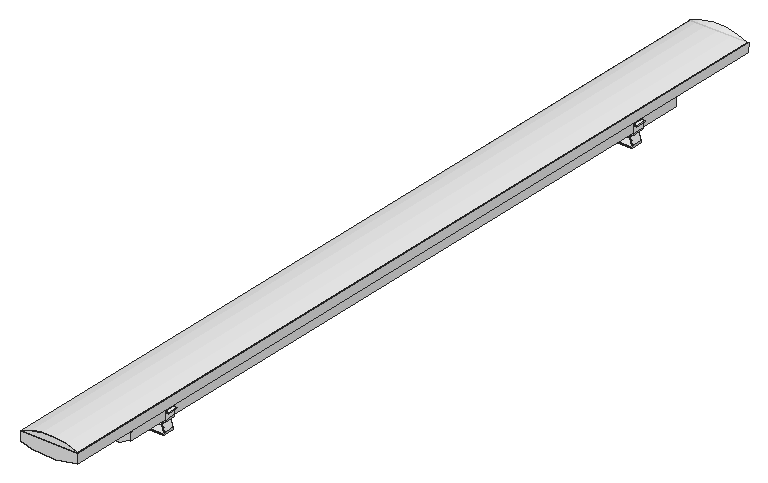
Revit family "Lighting-Industrial-GEWISS-SMART[3]PLUS-HLO-WATERTIGHT-LED_TRANSPARENT_1600mm", category Apparecchi per illuminazione, host Superficie, Revit 2019
Family settings
  Host = Superficie
  Quota connettore circolare = Usa diametro
  Tipo di parte = Normale
  Taglio con vuoti quando caricato = No
  Sorgente d'illuminazione = Sì
  Condiviso = No
  Punto di calcolo locali = No
Parameters (values of type "GWS3323BT957 - SMART3 PLUS 1600 T.W.DALI HO TRASP 9 57")
  Working temperature = "-25 +45 °C"
  Weight (kg): = ""
  Wattage = 27 W
  Warranty = "5 years"
  Voltage = "220-240 V "
  Visibilità simbolo [instance] = yes
  Visibilità pianta [instance] = not(Visibilità simbolo)  # no
  Visibilità etichetta [instance] = yes
  Version file RFA = "20.0"
  Variazione temperatura colore lampada con luminosità attenuata = (empty or 0)
  URL = "https://www.gewiss.com/ww/en"
  Typology = "DALI"
  Type of light source = "LED - Not replaceable"
  Technical sheet = "https://www.gewiss.com/ww/en/search?q=GWS3323BT957"
  System power = "63 W"
  Shock resistance = "IK08"
  Shield type = "Transparent"
  SEO = "Ceiling"
  Realized by GEWISS S.p.A. = ""
  Operating temperature: = "-25 +45 °C"
  Numero poli = 2
  built-in parameter 1150107 = 5700 (stored number, unit not read)
  Struttura = GRIGIO
  Stampa 1_200 = no
  Stampa 1_100 = not(Stampa 1_200)  # yes
  Spostamento_Y_etichetta [instance] = 0 mm
  Spostamento_Y_effettivo_etichetta [instance] = 1500 mm - Spostamento_Y_etichetta  # 1500 mm
  Spostamento_X_etichetta [instance] = 0 mm
  Spostamento_X_effettivo_etichetta [instance] = 1500 mm - Spostamento_X_etichetta  # 1500 mm
  Schermo. = Led Acceso
  Default Elevation = 1219.2 mm
  Produttore = "GEWISS S.p.A."
  built-in parameter 1150110 = 1 (stored number, unit not read)
  built-in parameter 1150109 = 1 (stored number, unit not read)
  built-in parameter 1114218 = 1 (stored number, unit not read)
  built-in parameter 1150112 = 1 (stored number, unit not read)
  Nominal flux (lm) = ""
  No. LED (#) = ""
  Modello = "GWS3323BT957"
  built-in parameter 1150137 = (empty or 0)
  built-in parameter 1150132 = (empty or 0)
  Lunghezza Lampada = 1600 mm  # constant formula
  Lumen output (lm) = "7400"
  Length = "1600 mm"
  Lampada = "LED"
  Lamp = "LED"
  LED LifeTime (L80B20) = ""
  LED Life time (L80B50) = ""
  LED Life time (L70) = ""
  LED Life Time (L90B50) = ""
  built-in parameter 1150105 = 1406.7 (stored number, unit not read)
  built-in parameter 1150102 = (empty or 0)
  Insulation class = "II"
  Immagine tipo = GWS3280TS.jpg
  built-in parameter 1150106 = 14.067 (stored number, unit not read)
  IP degree = "IP66/IP69"
  IFC.TypeObject = ""
  IFC.ExportType = ""
  IFC.ExportAs = ""
  IDT = "a13ebeb2-bfa1-469e-9c7f-0ca841da0dbd"
  IDF = "9980e4de-da63-47da-a8b3-d302d63a2e3d"
  Glow Wire Test = "850°C"
  Ganci = Alluminio
  Lumens = 4010.63 lm
  Color Filter = 16777215
  File diagramma fotometrico = "GWS3323BT957.IES"
  built-in parameter 1114217 = 1 (stored number, unit not read)
  built-in parameter 1150139 = (empty or 0)
  Failure rate apparecchio (50.000h, Tq=25Â° C) = ""
  Failure rate apparecchio (35.000h, Tq=35Â° C) = ""
  Emetti da lunghezza linea = 1200 mm
  Electrocod = "2434"
  Efficiency class of integrated LEDs = "A ÷ A++"
  built-in parameter 1150104 = 13.8 (stored number, unit not read)
  EAN code = ""
  Driver type = ""
  built-in parameter 1150115 = 1 (stored number, unit not read)
  built-in parameter 1150114 = 1 (stored number, unit not read)
  built-in parameter 1150113 = 1 (stored number, unit not read)
  Device with reduced surface temperature = ""
  Descrizione = "SMART3 PLUS 1600 T.W.DALI HO TRASP 9 57"
  Commenti sul wattaggio = "67W"
  Colour temperature: = "5700 K (CRI > 90)"
  Colour temperature = "5700 K (CRI > 90)"
  built-in parameter 1150134 = (empty or 0)
  built-in parameter 1150138 = (empty or 0)
  Catalogue Range = "SMART[3] PLUS HLO"
  Catalogue = "LIGHTING"
  Carico apparente = 67 VA
  COBie.Tagnumber = ""
  COBie.CreatedOn = ""
  COBie.CreatebBy = ""
  COBie.ComponentRegisterItemID = ""
  COBie.Component.TagNumber = ""
  COBie.Component.Space = ""
  COBie.Component.SerialNumber = ""
  COBie.Component.InstallationDate = ""
  COBie.Component.Description = ""
  COBie.Component.BarCode = ""
  Application = "Indoor"
  Tilt Angle = -90.00°
  built-in parameter 1150133 = 10 (stored number, unit not read)
Types (24, lengths in mm): name | Working temperature | Typology | Technical sheet | System power | Operating temperature: | Modello | Lumen output (lm) | Immagine tipo | IDT | File diagramma fotometrico | Descrizione | Commenti sul wattaggio | Colour temperature: | Colour temperature | Carico apparente
  GWS3320BT830 - SMART3 PLUS 1600 ON/OFF HO TRASP 8 30 | "-25 +50 °C" | "" | "https://www.gewiss.com/ww/en/search?q=GWS3320BT830" | "61 W" | "-25 +50 °C" | "GWS3320BT830" | "8900" | GWS3158T.jpg | "b0079b79-8369-4f9f-8fe4-9debebf9660d" | "GWS3320BT830.IES" | "SMART3 PLUS 1600 ON/OFF HO TRASP 8 30" | "26W" | "3000 K (CRI > 80)" | "3000 K (CRI > 80)" | 26 VA
  GWS3320BT840 - SMART3 PLUS 1600 ON/OFF HO TRASP 8 40 | "-25 +50 °C" | "" | "https://www.gewiss.com/ww/en/search?q=GWS3320BT840" | "61 W" | "-25 +50 °C" | "GWS3320BT840" | "9400" | GWS3158T30K.jpg | "9a1851db-f1a1-4438-9c92-f8493db26ec9" | "GWS3320BT840.IES" | "SMART3 PLUS 1600 ON/OFF HO TRASP 8 40" | "26W" | "4000 K (CRI > 80)" | "4000 K (CRI > 80)" | 26 VA
  GWS3320BT857 - SMART3 PLUS 1600 ON/OFF HO TRASP 8 57 | "-25 +50 °C" | "" | "https://www.gewiss.com/ww/en/search?q=GWS3320BT857" | "61 W" | "-25 +50 °C" | "GWS3320BT857" | "9400" | GWS3158T57K.jpg | "eeec67c0-60ce-4958-8122-911c53fbb5b5" | "GWS3320BT857.IES" | "SMART3 PLUS 1600 ON/OFF HO TRASP 8 57" | "26W" | "5700 K (CRI > 80)" | "5700 K (CRI > 80)" | 26 VA
  GWS3321BT940 - SMART3 PLUS 1600 DALI HO TRASP 9 40 | "-25 +45 °C" | "DALI" | "https://www.gewiss.com/ww/en/search?q=GWS3321BT940" | "63 W" | "-25 +45 °C" | "GWS3321BT940" | "7400" | GWS3258T.jpg | "dc402284-1089-4e5e-8c85-030915ce9a18" | "GWS3321BT940.IES" | "SMART3 PLUS 1600 DALI HO TRASP 9 40" | "53W" | "4000 K (CRI > 90)" | "4000 K (CRI > 90)" | 53 VA
  GWS3321BT957 - SMART3 PLUS 1600 DALI HO TRASP 9 57 | "-25 +45 °C" | "DALI" | "https://www.gewiss.com/ww/en/search?q=GWS3321BT957" | "63 W" | "-25 +45 °C" | "GWS3321BT957" | "7400" | GWS3258T30K.jpg | "b2e9265e-dba8-49a6-97f4-35930fb1e4e2" | "GWS3321BT957.IES" | "SMART3 PLUS 1600 DALI HO TRASP 9 57" | "53W" | "5700 K (CRI > 90)" | "5700 K (CRI > 90)" | 53 VA
  GWS3322BT830 - SMART3 PLUS 1600 T.W.ON/OFF HO TRASP 8 30 | "-25 +50 °C" | "" | "https://www.gewiss.com/ww/en/search?q=GWS3322BT830" | "61 W" | "-25 +50 °C" | "GWS3322BT830" | "8900" | GWS3258T57K.jpg | "53b88d0c-b9c7-4cee-9777-43a48b75f0e0" | "GWS3322BT830.IES" | "SMART3 PLUS 1600 T.W.ON/OFF HO TRASP 8 30" | "53W" | "3000 K (CRI > 80)" | "3000 K (CRI > 80)" | 53 VA
  GWS3320BT930 - SMART3 PLUS 1600 ON/OFF HO TRASP 9 30 | "-25 +50 °C" | "" | "https://www.gewiss.com/ww/en/search?q=GWS3320BT930" | "61 W" | "-25 +50 °C" | "GWS3320BT930" | "6900" | GWS3158TD30K.jpg | "ed9650e8-c4f8-43a1-8004-49554582e09b" | "GWS3320BT930.IES" | "SMART3 PLUS 1600 ON/OFF HO TRASP 9 30" | "27W" | "3000 K (CRI > 90)" | "3000 K (CRI > 90)" | 27 VA
  GWS3320BT940 - SMART3 PLUS 1600 ON/OFF HO TRASP 9 40 | "-25 +50 °C" | "" | "https://www.gewiss.com/ww/en/search?q=GWS3320BT940" | "61 W" | "-25 +50 °C" | "GWS3320BT940" | "7400" | GWS3158TD57K.jpg | "bb0d3ce6-48a2-4b6e-8f45-e92641206c3c" | "GWS3320BT940.IES" | "SMART3 PLUS 1600 ON/OFF HO TRASP 9 40" | "27W" | "4000 K (CRI > 90)" | "4000 K (CRI > 90)" | 27 VA
  GWS3320BT957 - SMART3 PLUS 1600 ON/OFF HO TRASP 9 57 | "-25 +50 °C" | "" | "https://www.gewiss.com/ww/en/search?q=GWS3320BT957" | "61 W" | "-25 +50 °C" | "GWS3320BT957" | "7400" | GWS3158TL.jpg | "9f6c2e94-0dd2-4fe7-9189-a0146461a8bf" | "GWS3320BT957.IES" | "SMART3 PLUS 1600 ON/OFF HO TRASP 9 57" | "26W" | "5700 K (CRI > 90)" | "5700 K (CRI > 90)" | 26 VA
  GWS3321BT830 - SMART3 PLUS 1600 DALI HO TRASP 8 30 | "-25 +45 °C" | "DALI" | "https://www.gewiss.com/ww/en/search?q=GWS3321BT830" | "63 W" | "-25 +45 °C" | "GWS3321BT830" | "8900" | GWS3158TL30K.jpg | "11cfab41-be45-4c4c-8f75-fb04ec9b0791" | "GWS3321BT830.IES" | "SMART3 PLUS 1600 DALI HO TRASP 8 30" | "26W" | "3000 K (CRI > 80)" | "3000 K (CRI > 80)" | 26 VA
  GWS3321BT840 - SMART3 PLUS 1600 DALI HO TRASP 8 40 | "-25 +45 °C" | "DALI" | "https://www.gewiss.com/ww/en/search?q=GWS3321BT840" | "63 W" | "-25 +45 °C" | "GWS3321BT840" | "9400" | GWS3158TL57K.jpg | "1a4c49c0-1724-4dfe-be99-e3bbbc972556" | "GWS3321BT840.IES" | "SMART3 PLUS 1600 DALI HO TRASP 8 40" | "26W" | "4000 K (CRI > 80)" | "4000 K (CRI > 80)" | 26 VA
  GWS3321BT857 - SMART3 PLUS 1600 DALI HO TRASP 8 57 | "-25 +45 °C" | "DALI" | "https://www.gewiss.com/ww/en/search?q=GWS3321BT857" | "63 W" | "-25 +45 °C" | "GWS3321BT857" | "9400" | GWS3158TLD30K.jpg | "f268c210-ca57-4ba1-bfb6-efa02569eca4" | "GWS3321BT857.IES" | "SMART3 PLUS 1600 DALI HO TRASP 8 57" | "27W" | "5700 K (CRI > 80)" | "5700 K (CRI > 80)" | 27 VA
  GWS3321BT930 - SMART3 PLUS 1600 DALI HO TRASP 9 30 | "-25 +45 °C" | "DALI" | "https://www.gewiss.com/ww/en/search?q=GWS3321BT930" | "63 W" | "-25 +45 °C" | "GWS3321BT930" | "6900" | GWS3158TLD57K.jpg | "94f77843-f845-4848-bb1d-f4fa44f382e0" | "GWS3321BT930.IES" | "SMART3 PLUS 1600 DALI HO TRASP 9 30" | "27W" | "3000 K (CRI > 90)" | "3000 K (CRI > 90)" | 27 VA
  GWS3322BT840 - SMART3 PLUS 1600 T.W.ON/OFF HO TRASP 8 40 | "-25 +50 °C" | "" | "https://www.gewiss.com/ww/en/search?q=GWS3322BT840" | "61 W" | "-25 +50 °C" | "GWS3322BT840" | "9400" | GWS3258TD.jpg | "c6ab74c4-55ed-4fa7-b23a-1e63dab77edf" | "GWS3322BT840.IES" | "SMART3 PLUS 1600 T.W.ON/OFF HO TRASP 8 40" | "55W" | "4000 K (CRI > 80)" | "4000 K (CRI > 80)" | 55 VA
  GWS3322BT857 - SMART3 PLUS 1600 T.W.ON/OFF HO TRASP 8 57 | "-25 +50 °C" | "" | "https://www.gewiss.com/ww/en/search?q=GWS3322BT857" | "61 W" | "-25 +50 °C" | "GWS3322BT857" | "9400" | GWS3258T30K.jpg | "3fca0ca6-b59a-4e01-bd8a-934825641baa" | "GWS3322BT857.IES" | "SMART3 PLUS 1600 T.W.ON/OFF HO TRASP 8 57" | "55W" | "5700 K (CRI > 80)" | "5700 K (CRI > 80)" | 55 VA
  GWS3322BT930 - SMART3 PLUS 1600 T.W.ON/OFF HO TRASP 9 30 | "-25 +50 °C" | "" | "https://www.gewiss.com/ww/en/search?q=GWS3322BT930" | "61 W" | "-25 +50 °C" | "GWS3322BT930" | "6900" | GWS3258TD57K.jpg | "dd6e494e-26b2-4e72-b5b8-859184e14134" | "GWS3322BT930.IES" | "SMART3 PLUS 1600 T.W.ON/OFF HO TRASP 9 30" | "55W" | "3000 K (CRI > 90)" | "3000 K (CRI > 90)" | 55 VA
  GWS3322BT940 - SMART3 PLUS 1600 T.W.ON/OFF HO TRASP 9 40 | "-25 +50 °C" | "" | "https://www.gewiss.com/ww/en/search?q=GWS3322BT940" | "61 W" | "-25 +50 °C" | "GWS3322BT940" | "7400" | GWS3258TL.jpg | "3254678e-5380-4d1c-930b-c5806fa3b8b9" | "GWS3322BT940.IES" | "SMART3 PLUS 1600 T.W.ON/OFF HO TRASP 9 40" | "53W" | "4000 K (CRI > 90)" | "4000 K (CRI > 90)" | 53 VA
  GWS3322BT957 - SMART3 PLUS 1600 T.W.ON/OFF HO TRASP 9 57 | "-25 +50 °C" | "" | "https://www.gewiss.com/ww/en/search?q=GWS3322BT957" | "61 W" | "-25 +50 °C" | "GWS3322BT957" | "7400" | GWS3258TL30K.jpg | "9f16eb00-b215-4a4f-a3a2-428ba3106904" | "GWS3322BT957.IES" | "SMART3 PLUS 1600 T.W.ON/OFF HO TRASP 9 57" | "53W" | "5700 K (CRI > 90)" | "5700 K (CRI > 90)" | 53 VA
  GWS3323BT840 - SMART3 PLUS 1600 T.W.DALI HO TRASP 8 40 | "-25 +45 °C" | "DALI" | "https://www.gewiss.com/ww/en/search?q=GWS3323BT840" | "63 W" | "-25 +45 °C" | "GWS3323BT840" | "9400" | GWS3258TL57K.jpg | "00ac1099-2d80-43df-8815-37ae56ec2799" | "GWS3323BT840.IES" | "SMART3 PLUS 1600 T.W.DALI HO TRASP 8 40" | "53W" | "4000 K (CRI > 80)" | "4000 K (CRI > 80)" | 53 VA
  GWS3323BT857 - SMART3 PLUS 1600 T.W.DALI HO TRASP 8 57 | "-25 +45 °C" | "DALI" | "https://www.gewiss.com/ww/en/search?q=GWS3323BT857" | "63 W" | "-25 +45 °C" | "GWS3323BT857" | "9400" | GWS3258TLD.jpg | "018840e2-9261-4cc1-b395-03f94b60a42d" | "GWS3323BT857.IES" | "SMART3 PLUS 1600 T.W.DALI HO TRASP 8 57" | "55W" | "5700 K (CRI > 80)" | "5700 K (CRI > 80)" | 55 VA
  GWS3323BT830 - SMART3 PLUS 1600 T.W.DALI HO TRASP 8 30 | "-25 +45 °C" | "DALI" | "https://www.gewiss.com/ww/en/search?q=GWS3323BT830" | "63 W" | "-25 +45 °C" | "GWS3323BT830" | "8900" | GWS3258TLD30K.jpg | "64fdabeb-dcf9-40d4-9ad4-a0ec6bd7085a" | "GWS3323BT830.IES" | "SMART3 PLUS 1600 T.W.DALI HO TRASP 8 30" | "55W" | "3000 K (CRI > 80)" | "3000 K (CRI > 80)" | 55 VA
  GWS3323BT930 - SMART3 PLUS 1600 T.W.DALI HO TRASP 9 30 | "-25 +45 °C" | "DALI" | "https://www.gewiss.com/ww/en/search?q=GWS3323BT930" | "63 W" | "-25 +45 °C" | "GWS3323BT930" | "6900" | GWS3258TLD57K.jpg | "13b61dfd-d401-4fab-93ea-d6665886125d" | "GWS3323BT930.IES" | "SMART3 PLUS 1600 T.W.DALI HO TRASP 9 30" | "55W" | "3000 K (CRI > 90)" | "3000 K (CRI > 90)" | 55 VA
  GWS3323BT957 - SMART3 PLUS 1600 T.W.DALI HO TRASP 9 57 | "-25 +45 °C" | "DALI" | "https://www.gewiss.com/ww/en/search?q=GWS3323BT957" | "63 W" | "-25 +45 °C" | "GWS3323BT957" | "7400" | GWS3280TS.jpg | "a13ebeb2-bfa1-469e-9c7f-0ca841da0dbd" | "GWS3323BT957.IES" | "SMART3 PLUS 1600 T.W.DALI HO TRASP 9 57" | "67W" | "5700 K (CRI > 90)" | "5700 K (CRI > 90)" | 67 VA
  GWS3323BT940 - SMART3 PLUS 1600 T.W.DALI HO TRASP 9 40 | "-25 +45 °C" | "DALI" | "https://www.gewiss.com/ww/en/search?q=GWS3323BT940" | "63 W" | "-25 +45 °C" | "GWS3323BT940" | "7400" | GWS3280TLS.jpg | "8f0fe8ef-681c-4f9c-983c-9044f5079dc8" | "GWS3323BT940.IES" | "SMART3 PLUS 1600 T.W.DALI HO TRASP 9 40" | "67W" | "4000 K (CRI > 90)" | "4000 K (CRI > 90)" | 67 VA
Reference planes
  plane 1 "Centro (Fronte/Retro)": y = 0
  plane 2: z = 0
  plane 3 "Centro (Sinistra/Destra)": x = 0
  plane 4: x = -1500
  plane 5: y = -1500
  plane 6: x = 0
  plane 7: y = 0
Forms (mm)
  Extrusion 1, solid, material "Alluminio" <- "Ganci", detail levels medium+fine
    sketch origin (0, 0, 0) x (1, 0, 0) y (0, 0, 1)
      loop
        arc (31.431, -0.002) -> (34.576, 1.589) -> (35.156, 5.066) r 3.903
        line (35.156, 5.066) -> (29.612, 23.211)
        arc (29.612, 23.211) -> (29.883, 24.381) -> (31.032, 24.73) r 1.2
        line (31.032, 24.73) -> (34.307, 23.974)
        arc (34.307, 23.974) -> (36.765, 24.53) -> (37.859, 26.8) r 2.9
        line (37.859, 26.8) -> (37.859, 38.8)
        arc (37.859, 38.8) -> (37.648, 39.694) -> (37.059, 40.4) r 2
        line (37.059, 40.4) -> (37.059, 42.71) -> (42.861, 40.598) -> (43.203, 41.538) -> (37.53, 43.603)
        arc (37.53, 43.603) -> (37.019, 43.613) -> (36.605, 43.311) r 0.8
        line (36.605, 43.311) -> (36.306, 26.139)
        arc (36.306, 26.139) -> (35.6, 25.444) -> (34.616, 25.34) r 1.5
        line (34.616, 25.34) -> (31.344, 26.095)
        arc (31.344, 26.095) -> (28.858, 25.335) -> (28.273, 22.802) r 2.6
        line (28.273, 22.802) -> (33.827, 4.636)
        arc (33.827, 4.636) -> (33.449, 2.415) -> (31.438, 1.4) r 2.5
        line (31.438, 1.4) -> (-31.437, 1.4)
        arc (-31.437, 1.4) -> (-33.449, 2.415) -> (-33.827, 4.636) r 2.5
        line (-33.827, 4.636) -> (-28.273, 22.802)
        arc (-28.273, 22.802) -> (-28.858, 25.335) -> (-31.344, 26.095) r 2.6
        line (-31.344, 26.095) -> (-34.616, 25.34)
        arc (-34.616, 25.34) -> (-35.6, 25.444) -> (-36.306, 26.139) r 1.5
        line (-36.306, 26.139) -> (-36.605, 43.311)
        arc (-36.605, 43.311) -> (-37.019, 43.613) -> (-37.53, 43.603) r 0.8
        line (-37.53, 43.603) -> (-43.203, 41.538) -> (-42.861, 40.598) -> (-37.059, 42.71) -> (-37.059, 40.4)
        arc (-37.059, 40.4) -> (-37.648, 39.694) -> (-37.859, 38.8) r 2
        line (-37.859, 38.8) -> (-37.859, 26.8)
        arc (-37.859, 26.8) -> (-36.765, 24.53) -> (-34.307, 23.974) r 2.9
        line (-34.307, 23.974) -> (-31.032, 24.73)
        arc (-31.032, 24.73) -> (-29.883, 24.381) -> (-29.612, 23.211) r 1.2
        line (-29.612, 23.211) -> (-35.156, 5.066)
        arc (-35.156, 5.066) -> (-34.576, 1.589) -> (-31.431, -0.002) r 3.903
        line (-31.431, -0.002) -> (31.431, -0.002)
    from 548.766 to 568.766
  Extrusion 2, solid, material "Alluminio" <- "Ganci", detail levels medium+fine
    sketch origin (0, 0, 0) x (1, 0, 0) y (0, 0, -1)
      loop
        line (31.431, 0.002) -> (-31.431, 0.002)
        arc (-31.431, 0.002) -> (-34.576, -1.589) -> (-35.156, -5.066) r 3.903
        line (-35.156, -5.066) -> (-29.612, -23.211)
        arc (-29.612, -23.211) -> (-29.883, -24.381) -> (-31.032, -24.73) r 1.2
        line (-31.032, -24.73) -> (-34.307, -23.974)
        arc (-34.307, -23.974) -> (-36.765, -24.53) -> (-37.859, -26.8) r 2.9
        line (-37.859, -26.8) -> (-37.859, -38.8)
        arc (-37.859, -38.8) -> (-37.648, -39.694) -> (-37.059, -40.4) r 2
        line (-37.059, -40.4) -> (-37.059, -42.71) -> (-42.861, -40.598) -> (-43.203, -41.538) -> (-37.53, -43.603)
        arc (-37.53, -43.603) -> (-37.019, -43.613) -> (-36.605, -43.311) r 0.8
        line (-36.605, -43.311) -> (-36.306, -26.139)
        arc (-36.306, -26.139) -> (-35.6, -25.444) -> (-34.616, -25.34) r 1.5
        line (-34.616, -25.34) -> (-31.344, -26.095)
        arc (-31.344, -26.095) -> (-28.858, -25.335) -> (-28.273, -22.802) r 2.6
        line (-28.273, -22.802) -> (-33.827, -4.636)
        arc (-33.827, -4.636) -> (-33.449, -2.415) -> (-31.437, -1.4) r 2.5
        line (-31.437, -1.4) -> (31.438, -1.4)
        arc (31.438, -1.4) -> (33.449, -2.415) -> (33.827, -4.636) r 2.5
        line (33.827, -4.636) -> (28.273, -22.802)
        arc (28.273, -22.802) -> (28.858, -25.335) -> (31.344, -26.095) r 2.6
        line (31.344, -26.095) -> (34.616, -25.34)
        arc (34.616, -25.34) -> (35.6, -25.444) -> (36.306, -26.139) r 1.5
        line (36.306, -26.139) -> (36.605, -43.311)
        arc (36.605, -43.311) -> (37.019, -43.613) -> (37.53, -43.603) r 0.8
        line (37.53, -43.603) -> (43.203, -41.538) -> (42.861, -40.598) -> (37.059, -42.71) -> (37.059, -40.4)
        arc (37.059, -40.4) -> (37.648, -39.694) -> (37.859, -38.8) r 2
        line (37.859, -38.8) -> (37.859, -26.8)
        arc (37.859, -26.8) -> (36.765, -24.53) -> (34.307, -23.974) r 2.9
        line (34.307, -23.974) -> (31.032, -24.73)
        arc (31.032, -24.73) -> (29.883, -24.381) -> (29.612, -23.211) r 1.2
        line (29.612, -23.211) -> (35.156, -5.066)
        arc (35.156, -5.066) -> (34.576, -1.589) -> (31.431, 0.002) r 3.903
    from 548.766 to 568.766
  Extrusion 3, solid, material "GRIGIO" <- "Struttura", detail levels medium+fine
    sketch origin (0, 0, 0) x (1, 0, 0) y (0, 0, 1)
      loop
        line (-36.331, 55.757) -> (-35.847, 28.018)
        arc (-35.847, 28.018) -> (-33.139, 27.27) -> (-30.416, 26.58) r 129.5
        arc (-30.416, 26.58) -> (-28.066, 25.76) -> (-25.915, 24.506) r 13
        arc (-25.915, 24.506) -> (-24.23, 23.324) -> (-22.521, 22.178) r 99.5
        arc (-22.521, 22.178) -> (-16.401, 19.063) -> (-9.748, 17.365) r 31.146
        line (-9.748, 17.365) -> (12.491, 17.365)
        arc (12.491, 17.365) -> (17.822, 19.098) -> (22.764, 21.745) r 31.646
        arc (22.764, 21.745) -> (24.509, 22.915) -> (26.228, 24.122) r 100
        arc (26.228, 24.122) -> (28.283, 25.313) -> (30.525, 26.095) r 12.5
        arc (30.525, 26.095) -> (33.437, 26.834) -> (36.332, 27.64) r 130
        line (36.332, 27.64) -> (36.824, 55.851)
        arc (36.824, 55.851) -> (24.914, 53.937) -> (12.909, 52.764) r 195.047
        line (12.909, 52.764) -> (-12.909, 52.764)
        arc (-12.909, 52.764) -> (-24.665, 53.905) -> (-36.331, 55.757) r 195.047
    from -650 to 650
  Extrusion 4, solid, material "GRIGIO" <- "Struttura", detail levels medium+fine
    sketch origin (0, 0, 0) x (1, 0, 0) y (0, 0, 1)
      loop
        line (54.725, 60.184) -> (55.177, 77.445) -> (-55.177, 77.445) -> (-54.725, 60.184)
        arc (-54.725, 60.184) -> (-34.019, 55.332) -> (-12.909, 52.764) r 195.047
        line (-12.909, 52.764) -> (12.909, 52.764)
        arc (12.909, 52.764) -> (34.019, 55.332) -> (54.725, 60.184) r 195.047
    from -800 to 800
  Extrusion 5, solid, material "Led Acceso" <- "Schermo.", detail levels medium+fine
    sketch origin (0, 0, 0) x (1, 0, 0) y (0, 0, 1)
      loop
        arc (54.697, 78.441) -> (-0.014, 90.457) -> (-54.723, 78.429) r 130.5
        arc (-54.723, 78.429) -> (-54.988, 77.838) -> (-54.5, 77.445) r 0.5
        line (-54.5, 77.445) -> (54.479, 77.445)
        arc (54.479, 77.445) -> (54.988, 77.855) -> (54.697, 78.441) r 0.522
    from -800 to 800
  Extrusion 6, solid, material "GRIGIO" <- "Struttura", detail levels coarse
    sketch origin (0, 0, 0) x (1, 0, 0) y (0, 0, 1)
      loop
        line (-54.5, 90.439) -> (-54.5, 0) -> (54.5, 0) -> (54.5, 90.439) -> (-54.5, 90.439)
    from -800 to 800
Lines and regions (mm)
  Masking region 1, visible <- "Visibilità pianta"
    outline origin (0, 0, 0) x (1, 0, 0) y (0, 1, 0)
      loop
        line (-55.177, 800) -> (-55.177, -800) -> (55.177, -800) -> (55.177, 800) -> (-55.177, 800)
  model lines, style "GEWISS - LIGHT 2D", not visible, detail levels medium+fine
    curve 1: arc (599.156, 237.359, 0) -> (604.568, 231.947, 0) -> (609.98, 237.359, 0) r 5.412
    curve 6: arc (581.804, 237.359, 0) -> (582.83, 230.601, 0) -> (585.816, 224.453, 0) r 22.764
    curve 7: arc (623.32, 224.453, 0) -> (626.306, 230.601, 0) -> (627.332, 237.359, 0) r 22.764
    curve 8: arc (609.98, -154.35, 0) -> (604.568, -148.937, 0) -> (599.156, -154.35, 0) r 5.412
    curve 14: arc (585.816, -141.444, 0) -> (582.83, -147.592, 0) -> (581.804, -154.35, 0) r 22.764
    curve 15: arc (627.332, -154.35, 0) -> (626.306, -147.592, 0) -> (623.32, -141.444, 0) r 22.764
    curve 22: line (581.804, 248.502, 0) -> (581.804, 237.359, 0)
    curve 23: line (581.804, 237.359, 0) -> (599.156, 237.359, 0)
    curve 24: line (599.156, 237.359, 0) -> (599.156, 248.502, 0)
    curve 25: line (599.156, 256.809, 0) -> (599.156, 262.193, 0)
    curve 26: line (609.98, 248.502, 0) -> (609.98, 237.359, 0)
    curve 27: line (609.98, 237.359, 0) -> (627.332, 237.359, 0)
    curve 28: line (627.332, 237.359, 0) -> (627.332, 248.502, 0)
    curve 39: line (581.804, -154.35, 0) -> (581.804, -165.498, 0)
    curve 40: line (581.804, -165.498, 0) -> (581.804, -154.35, 0)
    curve 41: line (581.804, -154.35, 0) -> (599.156, -154.35, 0)
    curve 42: line (599.156, -154.35, 0) -> (599.156, -165.498, 0)
    curve 43: line (609.98, -165.498, 0) -> (609.98, -154.35, 0)
    curve 44: line (609.98, -154.35, 0) -> (627.332, -154.35, 0)
    curve 45: line (627.332, -154.35, 0) -> (627.332, -165.498, 0)
    curve 46: line (627.332, -165.498, 0) -> (627.332, -154.35, 0)
    curve 47: line (609.98, -179.249, 0) -> (609.98, -173.749, 0)
    curve 50: line (599.156, -179.191, 0) -> (599.156, -173.807, 0)
    curve 94: circle (617.836, 259.501, 0) r 1.5 normal (0, 0, 1)
    curve 95: circle (591.836, 259.501, 0) r 1.5 normal (0, 0, 1)
    curve 96: arc (610.218, 256.751, 0) -> (612.968, 259.501, 0) -> (610.218, 262.251, 0) r 2.75
    curve 97: arc (599.718, 262.251, 0) -> (596.968, 259.501, 0) -> (599.718, 256.751, 0) r 2.75
    curve 102: circle (617.836, -176.499, 0) r 1.5 normal (0, 0, 1)
    curve 103: circle (591.836, -176.499, 0) r 1.5 normal (0, 0, 1)
    curve 104: arc (610.218, -179.249, 0) -> (612.968, -176.499, 0) -> (610.218, -173.749, 0) r 2.75
    curve 105: arc (599.718, -173.749, 0) -> (596.968, -176.499, 0) -> (599.718, -179.249, 0) r 2.75
    curve 184: line (599.718, 262.251, 0) -> (610.218, 262.251, 0)
    curve 185: line (599.718, 256.751, 0) -> (610.218, 256.751, 0)
    curve 194: line (599.718, -173.749, 0) -> (610.218, -173.749, 0)
    curve 195: line (599.718, -179.249, 0) -> (610.218, -179.249, 0)
    curve 214: line (604.568, 230.323, 0) -> (604.568, 244.394, 0)
    curve 215: line (611.603, 237.359, 0) -> (597.532, 237.359, 0)
    curve 216: line (604.568, -161.385, 0) -> (604.568, -147.314, 0)
    curve 217: line (611.603, -154.35, 0) -> (597.532, -154.35, 0)
    curve 223: line (617.836, 257.551, 0) -> (617.836, 261.451, 0)
    curve 224: line (619.786, 259.501, 0) -> (615.886, 259.501, 0)
    curve 225: line (591.836, 257.551, 0) -> (591.836, 261.451, 0)
    curve 226: line (593.786, 259.501, 0) -> (589.886, 259.501, 0)
    curve 227: line (603.293, 259.501, 0) -> (596.143, 259.501, 0)
    curve 228: line (610.218, 255.926, 0) -> (610.218, 263.076, 0)
    curve 229: line (613.793, 259.501, 0) -> (606.643, 259.501, 0)
    curve 230: line (617.836, -178.449, 0) -> (617.836, -174.549, 0)
    curve 231: line (619.786, -176.499, 0) -> (615.886, -176.499, 0)
    curve 232: line (591.836, -178.449, 0) -> (591.836, -174.549, 0)
    curve 233: line (593.786, -176.499, 0) -> (589.886, -176.499, 0)
    curve 234: line (599.718, -180.074, 0) -> (599.718, -172.924, 0)
    curve 235: line (603.293, -176.499, 0) -> (596.143, -176.499, 0)
    curve 236: line (610.218, -180.074, 0) -> (610.218, -172.924, 0)
    curve 237: line (613.793, -176.499, 0) -> (606.643, -176.499, 0)
    curve 238: arc (585.816, 224.453, 0) -> (604.568, 218.168, 0) -> (623.32, 224.453, 0) r 31.118
    curve 239: arc (623.32, -141.444, 0) -> (604.568, -135.159, 0) -> (585.816, -141.444, 0) r 31.118
  model lines, style "GEWISS - LIGHT 2D", not visible
    curve 2: arc (642.177, 315.223, 0) -> (641.755, 316.267, 0) -> (640.725, 316.723, 0) r 1.499
    curve 3: arc (640.726, -233.714, 0) -> (641.755, -233.258, 0) -> (642.177, -232.214, 0) r 1.499
    curve 4: arc (568.41, 316.723, 0) -> (567.381, 316.267, 0) -> (566.959, 315.223, 0) r 1.499
    curve 5: arc (566.959, -232.214, 0) -> (567.38, -233.258, 0) -> (568.409, -233.714, 0) r 1.499
    curve 16: line (568.41, 316.723, 0) -> (592.409, 317.119, 0)
    curve 17: line (592.409, 317.119, 0) -> (595.819, 317.196, 0)
    curve 18: line (595.819, 317.196, 0) -> (604.587, 317.348, 0)
    curve 19: line (604.587, 317.348, 0) -> (613.319, 317.196, 0)
    curve 20: line (613.319, 317.196, 0) -> (616.729, 317.119, 0)
    curve 21: line (616.729, 317.119, 0) -> (640.725, 316.723, 0)
    curve 29: line (568.409, -233.714, 0) -> (604.582, -234.348, 0)
    curve 30: line (604.582, -234.348, 0) -> (640.726, -233.714, 0)
    curve 31: line (642.177, -187.498, 0) -> (642.177, -232.214, 0)
    curve 32: line (642.177, 248.502, 0) -> (642.177, -165.498, 0)
    curve 33: line (642.177, 315.223, 0) -> (642.177, 270.502, 0)
    curve 34: line (566.959, 315.223, 0) -> (566.959, 270.502, 0)
    curve 35: line (566.959, 248.502, 0) -> (566.959, -165.498, 0)
    curve 36: line (566.959, -187.498, 0) -> (566.959, -232.214, 0)
    curve 37: line (604.549, -234.347, 0) -> (604.569, -233.348, 0)
    curve 38: line (604.569, -233.348, 0) -> (604.549, -234.347, 0)
    curve 48: line (609.989, -233.253, 0) -> (609.98, -232.753, 0)
    curve 49: line (609.98, -232.753, 0) -> (609.98, -187.498, 0)
    curve 51: line (599.147, -233.253, 0) -> (599.156, -232.753, 0)
    curve 52: line (599.156, -232.753, 0) -> (599.156, -187.498, 0)
    curve 53: line (604.568, -232.848, 0) -> (604.569, -233.348, 0)
    curve 54: line (604.569, -233.348, 0) -> (604.568, -232.848, 0)
    curve 69: arc (658.224, 441.447, 0) -> (657.902, 441.529, 0) -> (657.571, 441.558, 0) r 1.999
    curve 71: arc (659.744, 439.503, 0) -> (659.172, 440.906, 0) -> (657.781, 441.505, 0) r 1.998
    curve 72: arc (549.391, -356.494, 0) -> (549.963, -357.897, 0) -> (551.356, -358.495, 0) r 1.998
    curve 98: spline (648.539, 268.506, 0) -> (648.523, 268.767, 0) -> (648.475, 269.023, 0) -> (648.396, 269.27, 0) -> (648.287, 269.504, 0) -> (648.151, 269.721, 0) -> (647.989, 269.918, 0) -> (647.804, 270.09, 0) -> (647.599, 270.235, 0) -> (647.379, 270.35, 0) -> (647.146, 270.434, 0) -> (646.905, 270.485, 0) -> (646.66, 270.502, 0)
    curve 99: spline (646.66, 248.502, 0) -> (646.905, 248.519, 0) -> (647.146, 248.57, 0) -> (647.379, 248.654, 0) -> (647.599, 248.77, 0) -> (647.804, 248.916, 0) -> (647.989, 249.089, 0) -> (648.151, 249.286, 0) -> (648.287, 249.504, 0) -> (648.396, 249.739, 0) -> (648.475, 249.987, 0) -> (648.523, 250.245, 0) -> (648.539, 250.506, 0)
    curve 100: spline (561.397, 250.501, 0) -> (561.413, 250.24, 0) -> (561.461, 249.984, 0) -> (561.54, 249.736, 0) -> (561.648, 249.502, 0) -> (561.785, 249.284, 0) -> (561.947, 249.087, 0) -> (562.132, 248.915, 0) -> (562.336, 248.77, 0) -> (562.557, 248.654, 0) -> (562.79, 248.57, 0) -> (563.031, 248.519, 0) -> (563.276, 248.502, 0)
    curve 101: spline (563.276, 270.502, 0) -> (563.031, 270.485, 0) -> (562.79, 270.434, 0) -> (562.557, 270.35, 0) -> (562.336, 270.234, 0) -> (562.132, 270.089, 0) -> (561.947, 269.916, 0) -> (561.785, 269.72, 0) -> (561.648, 269.502, 0) -> (561.54, 269.267, 0) -> (561.461, 269.019, 0) -> (561.413, 268.763, 0) -> (561.397, 268.502, 0)
    curve 106: spline (648.539, -167.494, 0) -> (648.523, -167.233, 0) -> (648.475, -166.977, 0) -> (648.396, -166.73, 0) -> (648.287, -166.496, 0) -> (648.151, -166.279, 0) -> (647.989, -166.083, 0) -> (647.804, -165.911, 0) -> (647.599, -165.766, 0) -> (647.379, -165.65, 0) -> (647.146, -165.566, 0) -> (646.905, -165.515, 0) -> (646.66, -165.498, 0)
    curve 107: spline (646.66, -187.498, 0) -> (646.905, -187.481, 0) -> (647.146, -187.43, 0) -> (647.379, -187.346, 0) -> (647.599, -187.23, 0) -> (647.804, -187.084, 0) -> (647.989, -186.911, 0) -> (648.151, -186.714, 0) -> (648.287, -186.496, 0) -> (648.396, -186.261, 0) -> (648.475, -186.012, 0) -> (648.523, -185.755, 0) -> (648.539, -185.494, 0)
    curve 108: spline (561.397, -185.499, 0) -> (561.413, -185.76, 0) -> (561.461, -186.016, 0) -> (561.54, -186.264, 0) -> (561.648, -186.498, 0) -> (561.785, -186.716, 0) -> (561.947, -186.912, 0) -> (562.132, -187.085, 0) -> (562.336, -187.23, 0) -> (562.557, -187.346, 0) -> (562.79, -187.43, 0) -> (563.031, -187.481, 0) -> (563.276, -187.498, 0)
    curve 109: spline (563.276, -165.498, 0) -> (563.031, -165.516, 0) -> (562.79, -165.567, 0) -> (562.557, -165.651, 0) -> (562.336, -165.766, 0) -> (562.132, -165.912, 0) -> (561.947, -166.084, 0) -> (561.785, -166.281, 0) -> (561.648, -166.499, 0) -> (561.54, -166.733, 0) -> (561.461, -166.981, 0) -> (561.413, -167.238, 0) -> (561.397, -167.499, 0)
    curve 110: arc (657.245, -358.546, 0) -> (659.012, -357.814, 0) -> (659.745, -356.046, 0) r 2.5
    curve 111: arc (551.891, 441.558, 0) -> (550.123, 440.825, 0) -> (549.391, 439.058, 0) r 2.5
    curve 142: line (657.571, 441.558, 0) -> (604.567, 441.558, 0)
    curve 143: line (604.567, 441.558, 0) -> (551.891, 441.558, 0)
    curve 144: line (551.356, -358.495, 0) -> (604.568, -358.495, 0)
    curve 145: line (604.568, -358.495, 0) -> (657.245, -358.495, 0)
    curve 157: line (599.147, -233.253, 0) -> (604.569, -233.348, 0)
    curve 158: line (604.569, -233.348, 0) -> (609.989, -233.253, 0)
    curve 159: line (659.745, -356.046, 0) -> (659.745, 439.503, 0)
    curve 160: line (657.781, 441.505, 0) -> (604.567, 441.505, 0)
    curve 161: line (549.391, -356.494, 0) -> (549.391, 439.058, 0)
    curve 186: line (642.696, 270.501, 0) -> (642.427, 270.501, 0)
    curve 187: line (563.481, 270.502, 0) -> (563.276, 270.502, 0)
    curve 188: line (563.276, 270.502, 0) -> (646.454, 270.502, 0)
    curve 189: line (646.454, 270.502, 0) -> (646.66, 270.502, 0)
    curve 190: line (563.481, 248.502, 0) -> (563.276, 248.502, 0)
    curve 191: line (646.454, 248.502, 0) -> (646.66, 248.502, 0)
    curve 192: line (648.539, 250.506, 0) -> (648.539, 268.506, 0)
    curve 193: line (561.397, 250.501, 0) -> (561.397, 268.501, 0)
    curve 196: line (646.66, -165.498, 0) -> (646.454, -165.498, 0)
    curve 197: line (646.454, -165.498, 0) -> (642.696, -165.498, 0)
    curve 198: line (642.696, -165.498, 0) -> (642.427, -165.498, 0)
    curve 199: line (642.427, -165.498, 0) -> (639.905, -165.498, 0)
    curve 200: line (639.905, -165.498, 0) -> (636.805, -165.498, 0)
    curve 201: line (636.805, -165.498, 0) -> (573.13, -165.498, 0)
    curve 202: line (573.13, -165.498, 0) -> (570.031, -165.498, 0)
    curve 203: line (570.031, -165.498, 0) -> (567.508, -165.498, 0)
    curve 204: line (567.508, -165.498, 0) -> (567.24, -165.498, 0)
    curve 205: line (567.24, -165.498, 0) -> (563.481, -165.498, 0)
    curve 206: line (563.481, -165.498, 0) -> (563.276, -165.498, 0)
    curve 207: line (563.276, -187.498, 0) -> (563.481, -187.498, 0)
    curve 208: line (563.481, -187.498, 0) -> (646.454, -187.498, 0)
    curve 209: line (646.454, -187.498, 0) -> (646.66, -187.498, 0)
    curve 210: line (642.696, -187.499, 0) -> (642.427, -187.499, 0)
    curve 211: line (648.539, -185.494, 0) -> (648.539, -167.494, 0)
    curve 212: line (561.397, -185.499, 0) -> (561.397, -167.499, 0)
    curve 219: line (604.569, 276.529, 0) -> (604.569, -193.52, 0)
    curve 240: line (646.454, 248.502, 0) -> (563.276, 248.502, 0)
  model lines, style "GEWISS - LIGHT 2D", not visible, detail levels fine
    curve 9: arc (621.884, 350.407, 0) -> (621.798, 350.225, 0) -> (621.768, 350.027, 0) r 0.678
    curve 10: arc (622.621, 351.453, 0) -> (622.246, 350.935, 0) -> (621.884, 350.407, 0) r 25.107
    curve 11: arc (623.611, 352.703, 0) -> (623.106, 352.086, 0) -> (622.621, 351.453, 0) r 25.491
    curve 12: arc (626.634, 356.042, 0) -> (625.055, 354.434, 0) -> (623.611, 352.703, 0) r 27.8
    curve 13: arc (628.933, 357.976, 0) -> (627.762, 357.034, 0) -> (626.634, 356.042, 0) r 34.286
    curve 55: line (595.819, 317.196, 0) -> (595.819, 331.194, 0)
    curve 56: line (595.819, 331.194, 0) -> (595.823, 331.698, 0)
    curve 57: line (613.319, 317.196, 0) -> (613.319, 331.194, 0)
    curve 58: line (613.319, 331.194, 0) -> (613.315, 331.698, 0)
    curve 59: line (601.188, 333.427, 0) -> (595.819, 333.381, 0)
    curve 60: line (595.819, 333.381, 0) -> (592.551, 333.351, 0)
    curve 61: line (621.768, 349.976, 0) -> (621.768, 349.703, 0)
    curve 62: line (618.568, 339.703, 0) -> (618.568, 340.003, 0)
    curve 63: line (618.568, 340.003, 0) -> (618.568, 349.403, 0)
    curve 64: line (618.568, 349.403, 0) -> (618.568, 349.703, 0)
    curve 65: line (626.634, 356.042, 0) -> (625.666, 357.327, 0)
    curve 66: line (625.666, 357.327, 0) -> (625.303, 357.809, 0)
    curve 67: arc (615.276, 335.364, 0) -> (616.055, 336.638, 0) -> (614.919, 337.608, 0) r 1.15
    curve 68: arc (594.228, 337.608, 0) -> (593.084, 336.643, 0) -> (593.862, 335.364, 0) r 1.15
    curve 70: arc (618.493, 319.316, 0) -> (619.321, 319.921, 0) -> (619.181, 320.937, 0) r 1
    curve 73: arc (592.532, 331.227, 0) -> (592.389, 331.582, 0) -> (592.037, 331.731, 0) r 0.5
    curve 74: arc (617.101, 331.731, 0) -> (616.749, 331.582, 0) -> (616.606, 331.227, 0) r 0.5
    curve 75: arc (617.805, 349.703, 0) -> (617.188, 349.635, 0) -> (616.597, 349.441, 0) r 3
    curve 76: arc (606.569, 342.058, 0) -> (605.632, 343.753, 0) -> (603.698, 343.859, 0) r 2
    curve 77: arc (599.084, 344.854, 0) -> (601.221, 343.569, 0) -> (603.698, 343.859, 0) r 3.86
    curve 78: arc (598.376, 346.791, 0) -> (598.558, 345.76, 0) -> (599.084, 344.854, 0) r 3
    curve 79: arc (605.757, 349.962, 0) -> (611.115, 348.406, 0) -> (616.597, 349.441, 0) r 12
    curve 80: arc (622.068, 349.403, 0) -> (621.98, 349.615, 0) -> (621.768, 349.703, 0) r 0.3
    curve 81: arc (620.003, 351.317, 0) -> (619.679, 350.57, 0) -> (619.569, 349.763, 0) r 3
    curve 82: arc (603.144, 334.726, 0) -> (600.795, 328.007, 0) -> (607.888, 327.419, 0) r 4.5
    curve 83: arc (603.144, 334.726, 0) -> (605.626, 336.549, 0) -> (606.569, 339.481, 0) r 5
    curve 84: arc (602.226, 350.998, 0) -> (599.524, 350.005, 0) -> (598.376, 347.367, 0) r 3.66
    curve 85: arc (605.757, 349.962, 0) -> (604.052, 350.686, 0) -> (602.226, 350.998, 0) r 8
    curve 86: arc (621.772, 339.703, 0) -> (621.999, 339.807, 0) -> (622.068, 340.048, 0) r 0.3
    curve 87: arc (618.568, 339.703, 0) -> (617.972, 339.652, 0) -> (617.393, 339.5, 0) r 3.5
    curve 88: arc (617.393, 339.5, 0) -> (612.456, 336.19, 0) -> (609.712, 330.917, 0) r 12
    curve 89: arc (607.888, 327.419, 0) -> (609.019, 329.054, 0) -> (609.712, 330.917, 0) r 8
    curve 90: arc (620.895, 352.703, 0) -> (620.493, 352.099, 0) -> (620.105, 351.485, 0) r 29.999
    curve 91: arc (625.281, 357.788, 0) -> (623.014, 355.448, 0) -> (621.015, 352.877, 0) r 30
    curve 92: arc (627.608, 359.734, 0) -> (626.431, 358.8, 0) -> (625.303, 357.809, 0) r 29.995
    curve 93: circle (604.569, 330.458, 0) r 2.1 normal (0, 0, 1)
    curve 112: line (589.422, 320.458, 0) -> (589.069, 320.811, 0)
    curve 113: line (589.069, 320.811, 0) -> (589.069, 322.709, 0)
    curve 114: line (589.069, 322.709, 0) -> (589.069, 323.958, 0)
    curve 115: line (589.069, 323.958, 0) -> (589.422, 323.958, 0)
    curve 116: line (589.422, 323.958, 0) -> (590.069, 323.958, 0)
    curve 117: line (590.069, 323.958, 0) -> (590.069, 324.958, 0)
    curve 118: line (590.069, 324.958, 0) -> (589.422, 324.958, 0)
    curve 119: line (589.422, 324.958, 0) -> (589.069, 324.958, 0)
    curve 120: line (589.069, 324.958, 0) -> (589.069, 328.104, 0)
    curve 121: line (589.069, 328.104, 0) -> (589.422, 328.458, 0)
    curve 122: line (589.422, 324.958, 0) -> (589.422, 328.458, 0)
    curve 123: line (589.422, 328.458, 0) -> (591.069, 328.458, 0)
    curve 124: line (591.069, 328.458, 0) -> (591.069, 322.54, 0)
    curve 125: line (591.069, 322.54, 0) -> (591.069, 320.458, 0)
    curve 126: line (591.069, 320.458, 0) -> (589.422, 320.458, 0)
    curve 127: line (589.422, 320.458, 0) -> (589.422, 322.54, 0)
    curve 128: line (589.422, 322.54, 0) -> (589.422, 323.958, 0)
    curve 129: line (606.208, 337.608, 0) -> (602.469, 337.608, 0)
    curve 130: line (602.469, 337.608, 0) -> (599.469, 337.608, 0)
    curve 131: line (599.469, 337.608, 0) -> (596.069, 337.608, 0)
    curve 132: line (596.069, 337.608, 0) -> (594.228, 337.608, 0)
    curve 133: line (606.469, 338.477, 0) -> (606.569, 341.457, 0)
    curve 134: line (606.469, 341.458, 0) -> (602.469, 341.458, 0)
    curve 135: line (602.469, 341.458, 0) -> (599.469, 341.458, 0)
    curve 136: line (599.469, 341.458, 0) -> (596.519, 341.458, 0)
    curve 137: line (596.519, 341.458, 0) -> (594.919, 341.458, 0)
    curve 138: line (594.919, 341.458, 0) -> (593.969, 341.458, 0)
    curve 139: line (593.969, 341.458, 0) -> (593.969, 337.58, 0)
    curve 140: line (614.019, 337.651, 0) -> (614.969, 337.606, 0)
    curve 141: line (614.969, 337.606, 0) -> (614.969, 338.32, 0)
    curve 146: line (604.55, 335.458, 0) -> (595.819, 335.382, 0)
    curve 147: line (595.819, 335.382, 0) -> (592.569, 335.353, 0)
    curve 148: line (592.569, 335.353, 0) -> (592.551, 333.351, 0)
    curve 149: line (616.587, 333.351, 0) -> (616.569, 335.353, 0)
    curve 150: line (616.569, 335.353, 0) -> (613.319, 335.381, 0)
    curve 151: line (613.319, 335.381, 0) -> (611.803, 335.395, 0)
    curve 152: line (592.515, 329.208, 0) -> (591.069, 329.208, 0)
    curve 153: line (591.069, 329.208, 0) -> (591.069, 319.708, 0)
    curve 154: line (591.069, 319.708, 0) -> (592.432, 319.708, 0)
    curve 155: line (618.493, 319.316, 0) -> (616.711, 319.145, 0)
    curve 156: line (616.667, 324.145, 0) -> (619.181, 320.937, 0)
    curve 162: line (610.544, 333.306, 0) -> (613.388, 333.281, 0)
    curve 163: line (613.388, 333.281, 0) -> (618.088, 333.24, 0)
    curve 164: line (618.088, 333.24, 0) -> (618.088, 331.74, 0)
    curve 165: line (618.088, 331.74, 0) -> (613.388, 331.699, 0)
    curve 166: line (613.388, 331.699, 0) -> (609.914, 331.668, 0)
    curve 167: line (600.232, 331.66, 0) -> (595.75, 331.699, 0)
    curve 168: line (595.75, 331.699, 0) -> (591.05, 331.74, 0)
    curve 169: line (591.05, 331.74, 0) -> (591.05, 333.24, 0)
    curve 170: line (591.05, 333.24, 0) -> (595.75, 333.281, 0)
    curve 171: line (595.75, 333.281, 0) -> (601.102, 333.328, 0)
    curve 172: line (592.409, 317.119, 0) -> (592.532, 331.227, 0)
    curve 173: line (616.729, 317.119, 0) -> (616.606, 331.227, 0)
    curve 174: line (621.768, 349.703, 0) -> (618.568, 349.703, 0)
    curve 175: line (618.568, 349.703, 0) -> (617.805, 349.703, 0)
    curve 176: line (606.569, 342.058, 0) -> (606.569, 339.481, 0)
    curve 177: line (598.376, 347.367, 0) -> (598.376, 346.791, 0)
    curve 178: line (618.568, 339.703, 0) -> (621.772, 339.703, 0)
    curve 179: line (622.068, 349.403, 0) -> (622.068, 340.048, 0)
    curve 180: line (620.002, 351.317, 0) -> (620.086, 351.453, 0)
    curve 181: line (621.015, 352.877, 0) -> (620.895, 352.703, 0)
    curve 182: line (628.933, 357.976, 0) -> (627.969, 359.255, 0)
    curve 183: line (627.969, 359.255, 0) -> (627.608, 359.734, 0)
    curve 213: line (589.258, 324.458, 0) -> (591.233, 324.458, 0)
    curve 218: line (592.659, 324.458, 0) -> (590.924, 324.458, 0)
    curve 220: line (604.569, 327.728, 0) -> (604.569, 333.188, 0)
    curve 221: line (607.299, 330.458, 0) -> (601.839, 330.458, 0)
    curve 222: line (618.568, 350.343, 0) -> (618.568, 339.063, 0)
  model lines, style "GEWISS - LIGHT 2D", not visible, detail levels coarse
    curve 241: arc (515.447, 800, 0) -> (513.679, 799.268, 0) -> (512.947, 797.5, 0) r 2.5
    curve 242: line (623.301, 800, 0) -> (515.447, 800, 0)
    curve 243: line (512.947, -800, 0) -> (623.301, -800, 0)
    curve 244: line (623.301, -800, 0) -> (623.301, 800, 0)
    curve 245: line (512.947, -800, 0) -> (512.947, 797.5, 0)
    curve 246: line (568.125, 575.964, 0) -> (568.125, -769.036, 0)
    curve 248: arc (515.447, -800, 0) -> (513.679, -799.268, 0) -> (512.947, -797.5, 0) r 2.5
  model lines, style "GEWISS - LIGHT 2D", detail levels coarse
    curve 247: arc (-52.678, -188.779, 0) -> (-54.446, -188.047, 0) -> (-55.178, -186.279, 0) r 2.5
Dimensions and locks
  plane 4 to plane 3 "Centro (Sinistra/Destra)" = 1500 mm
  "Spostamento_X_effettivo_etichetta": plane 4 to plane 6
  "Spostamento_Y_effettivo_etichetta": plane 7 to plane 5
  plane 1 "Centro (Fronte/Retro)" to plane 5 = 1500 mm
  aligned and locked: plane 2 to host face
  aligned and locked: level to host face
  aligned and locked: Masking region 1 sketch curve to Extrusion 4  (x3)
  aligned and locked: plane 6 to nested 1
  aligned and locked: nested 1 to plane 7
  aligned and locked: nested 2 to plane 1 "Centro (Fronte/Retro)"
  aligned and locked: plane 3 "Centro (Sinistra/Destra)" to nested 2
Automatic sketch dimensions
  host sketch curve to host sketch curve = 2438.4 mm  (x2)
  Extrusion 1 sketch curve to Extrusion 1 sketch curve = 0 mm  (x28)
  Extrusion 1 sketch curve to plane 3 "Centro (Sinistra/Destra)" = 43.203 mm
  level to Extrusion 1 sketch curve = 40.598 mm
  Extrusion 1 sketch curve to Extrusion 1 sketch curve = 0.342 mm  (x2)
  Extrusion 1 sketch curve to Extrusion 1 sketch curve = 5.002 mm  (x2)
  Extrusion 1 sketch curve to Extrusion 1 sketch curve = 0.329 mm
  Extrusion 1 sketch curve to Extrusion 1 sketch curve = 0.271 mm  (x2)
  Extrusion 1 sketch curve to Extrusion 1 sketch curve = 0.8 mm  (x2)
  Extrusion 1 sketch curve to Extrusion 1 sketch curve = 0.454 mm  (x2)
  Extrusion 1 sketch curve to Extrusion 1 sketch curve = 1.554 mm
  Extrusion 1 sketch curve to Extrusion 1 sketch curve = 2 mm
  level to Extrusion 1 sketch curve = 5.066 mm  (x2)
  Extrusion 1 sketch curve to Extrusion 1 sketch curve = 1.15 mm
  Extrusion 1 sketch curve to Extrusion 1 sketch curve = 1.346 mm  (x2)
  Extrusion 1 sketch curve to Extrusion 1 sketch curve = 0.343 mm  (x2)
  level to Extrusion 1 sketch curve = 4.636 mm  (x2)
  Extrusion 1 sketch curve to Extrusion 1 sketch curve = 1.329 mm  (x2)
  level to Extrusion 1 sketch curve = 1.4 mm
  Extrusion 1 sketch curve to Extrusion 1 sketch curve = 2.389 mm  (x2)
  Extrusion 1 sketch curve to Extrusion 1 sketch curve = 0.007 mm  (x2)
  Extrusion 1 sketch curve to Extrusion 1 sketch curve = 3.584 mm  (x2)
  Extrusion 1 sketch curve to Extrusion 1 sketch curve = 0.273 mm  (x2)
  plane 3 "Centro (Sinistra/Destra)" to Extrusion 1 sketch curve = 30.759 mm
  Extrusion 1 sketch curve to level = 0.002 mm
  Extrusion 1 sketch curve to Extrusion 1 sketch curve = 0.672 mm
  Extrusion 1 sketch curve to Extrusion 1 sketch curve = 0.9 mm
  level to Extrusion 1 sketch curve = 26.139 mm
  Extrusion 1 sketch curve to Extrusion 1 sketch curve = 0.746 mm
  Extrusion 1 sketch curve to Extrusion 1 sketch curve = 0.2 mm
  Extrusion 1 sketch curve to Extrusion 1 sketch curve = 2.577 mm
  Extrusion 1 sketch curve to Extrusion 1 sketch curve = 18.496 mm
  Extrusion 1 sketch curve to Extrusion 1 sketch curve = 1.169 mm  (x2)
  Extrusion 1 sketch curve to Extrusion 1 sketch curve = 0.799 mm  (x2)
  Extrusion 1 sketch curve to Extrusion 1 sketch curve = 0.609 mm
  Extrusion 1 sketch curve to Extrusion 1 sketch curve = 1.798 mm  (x2)
  Extrusion 1 sketch curve to Extrusion 1 sketch curve = 12 mm
  Extrusion 1 sketch curve to Extrusion 1 sketch curve = 0.94 mm  (x2)
  Extrusion 1 sketch curve to Extrusion 1 sketch curve = 0.14 mm  (x2)
  Extrusion 1 sketch curve to Extrusion 1 sketch curve = 0.309 mm  (x2)
  Extrusion 1 sketch curve to Extrusion 1 sketch curve = 0.312 mm  (x2)
  Extrusion 1 sketch curve to Extrusion 1 sketch curve = 1.148 mm  (x2)
  Extrusion 1 sketch curve to Extrusion 1 sketch curve = 1.339 mm
  Extrusion 1 sketch curve to Extrusion 1 sketch curve = 2.486 mm
  Extrusion 1 sketch curve to Extrusion 1 sketch curve = 0.409 mm  (x2)
  Extrusion 2 sketch curve to Extrusion 2 sketch curve = 0 mm  (x28)
  Extrusion 2 sketch curve to plane 3 "Centro (Sinistra/Destra)" = 43.203 mm
  level to Extrusion 2 sketch curve = 40.598 mm
  Extrusion 2 sketch curve to Extrusion 2 sketch curve = 0.342 mm  (x2)
  Extrusion 2 sketch curve to Extrusion 2 sketch curve = 5.002 mm  (x2)
  Extrusion 2 sketch curve to Extrusion 2 sketch curve = 0.329 mm
  Extrusion 2 sketch curve to Extrusion 2 sketch curve = 0.271 mm  (x2)
  Extrusion 2 sketch curve to Extrusion 2 sketch curve = 0.8 mm  (x2)
  Extrusion 2 sketch curve to Extrusion 2 sketch curve = 0.454 mm  (x2)
  Extrusion 2 sketch curve to Extrusion 2 sketch curve = 1.554 mm
  Extrusion 2 sketch curve to Extrusion 2 sketch curve = 2 mm
  level to Extrusion 2 sketch curve = 5.066 mm  (x2)
  Extrusion 2 sketch curve to Extrusion 2 sketch curve = 1.15 mm
  Extrusion 2 sketch curve to Extrusion 2 sketch curve = 1.346 mm  (x2)
  Extrusion 2 sketch curve to Extrusion 2 sketch curve = 0.343 mm  (x2)
  level to Extrusion 2 sketch curve = 4.636 mm  (x2)
  Extrusion 2 sketch curve to Extrusion 2 sketch curve = 1.329 mm  (x2)
  level to Extrusion 2 sketch curve = 1.4 mm
  Extrusion 2 sketch curve to Extrusion 2 sketch curve = 2.389 mm  (x2)
  Extrusion 2 sketch curve to Extrusion 2 sketch curve = 0.007 mm  (x2)
  Extrusion 2 sketch curve to Extrusion 2 sketch curve = 3.584 mm  (x2)
  Extrusion 2 sketch curve to Extrusion 2 sketch curve = 0.273 mm  (x2)
  plane 3 "Centro (Sinistra/Destra)" to Extrusion 2 sketch curve = 30.759 mm
  Extrusion 2 sketch curve to level = 0.002 mm
  Extrusion 2 sketch curve to Extrusion 2 sketch curve = 0.672 mm
  Extrusion 2 sketch curve to Extrusion 2 sketch curve = 0.9 mm
  level to Extrusion 2 sketch curve = 26.139 mm
  Extrusion 2 sketch curve to Extrusion 2 sketch curve = 0.746 mm
  Extrusion 2 sketch curve to Extrusion 2 sketch curve = 0.2 mm
  Extrusion 2 sketch curve to Extrusion 2 sketch curve = 14.46 mm
  Extrusion 2 sketch curve to Extrusion 2 sketch curve = 0.94 mm  (x2)
  Extrusion 2 sketch curve to Extrusion 2 sketch curve = 0.14 mm  (x2)
  Extrusion 2 sketch curve to Extrusion 2 sketch curve = 2.31 mm  (x2)
  Extrusion 2 sketch curve to Extrusion 2 sketch curve = 12 mm
  Extrusion 2 sketch curve to Extrusion 2 sketch curve = 0.661 mm  (x2)
  Extrusion 2 sketch curve to Extrusion 2 sketch curve = 0.609 mm  (x2)
  Extrusion 2 sketch curve to Extrusion 2 sketch curve = 1.169 mm  (x2)
  Extrusion 2 sketch curve to Extrusion 2 sketch curve = 0.309 mm  (x2)
  Extrusion 2 sketch curve to Extrusion 2 sketch curve = 0.312 mm  (x2)
  Extrusion 2 sketch curve to Extrusion 2 sketch curve = 1.148 mm  (x2)
  Extrusion 2 sketch curve to Extrusion 2 sketch curve = 1.339 mm
  Extrusion 2 sketch curve to Extrusion 2 sketch curve = 2.486 mm
  Extrusion 2 sketch curve to Extrusion 2 sketch curve = 1.365 mm  (x2)
  Extrusion 3 sketch curve to plane 3 "Centro (Sinistra/Destra)" = 36.331 mm
  Extrusion 3 sketch curve to Extrusion 3 sketch curve = 0.484 mm
  Extrusion 3 sketch curve to Extrusion 3 sketch curve = 2.34 mm
  Extrusion 3 sketch curve to plane 3 "Centro (Sinistra/Destra)" = 32.068 mm
  Extrusion 3 sketch curve to plane 3 "Centro (Sinistra/Destra)" = 12.909 mm
  Extrusion 3 sketch curve to plane 3 "Centro (Sinistra/Destra)" = 9.748 mm
  Extrusion 3 sketch curve to plane 3 "Centro (Sinistra/Destra)" = 5.421 mm
  Extrusion 3 sketch curve to plane 3 "Centro (Sinistra/Destra)" = 0.057 mm
  Extrusion 3 sketch curve to plane 3 "Centro (Sinistra/Destra)" = 0.007 mm
  Extrusion 3 sketch curve to plane 3 "Centro (Sinistra/Destra)" = 0.001 mm
  plane 3 "Centro (Sinistra/Destra)" to Extrusion 3 sketch curve = 0.057 mm
  plane 3 "Centro (Sinistra/Destra)" to Extrusion 3 sketch curve = 5.412 mm
  plane 3 "Centro (Sinistra/Destra)" to Extrusion 3 sketch curve = 12.491 mm
  Extrusion 3 sketch curve to Extrusion 3 sketch curve = 7.496 mm
  plane 3 "Centro (Sinistra/Destra)" to Extrusion 3 sketch curve = 32.059 mm
  Extrusion 3 sketch curve to Extrusion 3 sketch curve = 21.008 mm
  Extrusion 3 sketch curve to Extrusion 3 sketch curve = 2.833 mm
  Extrusion 3 sketch curve to Extrusion 3 sketch curve = 23.916 mm
  level to Extrusion 3 sketch curve = 13.953 mm  (x2)
  level to Extrusion 3 sketch curve = 17.365 mm  (x2)
  Extrusion 3 sketch curve to Extrusion 3 sketch curve = 13.687 mm
  Extrusion 3 sketch curve to Extrusion 3 sketch curve = 14.064 mm
  Extrusion 3 sketch curve to Extrusion 3 sketch curve = 30.844 mm
  Extrusion 3 sketch curve to Extrusion 3 sketch curve = 0 mm  (x3)
  Extrusion 3 sketch curve to Extrusion 3 sketch curve = 4.555 mm
  Extrusion 3 sketch curve to Extrusion 3 sketch curve = 2.993 mm
  Extrusion 3 sketch curve to Extrusion 3 sketch curve = 3.087 mm
  Extrusion 3 sketch curve to Extrusion 3 sketch curve = 49.52 mm
  Extrusion 3 sketch curve to Extrusion 3 sketch curve = 49.615 mm
  Extrusion 3 sketch curve to Extrusion 3 sketch curve = 47.089 mm
  Extrusion 3 sketch curve to Extrusion 3 sketch curve = 5.431 mm
  Extrusion 3 sketch curve to Extrusion 3 sketch curve = 4.5 mm
  Extrusion 3 sketch curve to Extrusion 3 sketch curve = 10.273 mm
  Extrusion 3 sketch curve to Extrusion 3 sketch curve = 3.465 mm
  Extrusion 3 sketch curve to Extrusion 3 sketch curve = 4.297 mm
  Extrusion 4 sketch curve to plane 3 "Centro (Sinistra/Destra)" = 55.177 mm
  Extrusion 4 sketch curve to Extrusion 4 sketch curve = 0.452 mm  (x2)
  Extrusion 4 sketch curve to plane 3 "Centro (Sinistra/Destra)" = 12.909 mm
  Extrusion 4 sketch curve to plane 3 "Centro (Sinistra/Destra)" = 0.057 mm
  plane 3 "Centro (Sinistra/Destra)" to Extrusion 4 sketch curve = 0.057 mm
  plane 3 "Centro (Sinistra/Destra)" to Extrusion 4 sketch curve = 12.909 mm
  Extrusion 4 sketch curve to Extrusion 4 sketch curve = 41.816 mm
  level to Extrusion 4 sketch curve = 52.764 mm
  Extrusion 4 sketch curve to Extrusion 4 sketch curve = 7.42 mm  (x2)
  Extrusion 4 sketch curve to Extrusion 4 sketch curve = 17.262 mm
  Extrusion 5 sketch curve to plane 3 "Centro (Sinistra/Destra)" = 0 mm
  Extrusion 5 sketch curve to plane 3 "Centro (Sinistra/Destra)" = 54.5 mm
  plane 3 "Centro (Sinistra/Destra)" to Extrusion 5 sketch curve = 54.479 mm
  Extrusion 5 sketch curve to level = 40.043 mm
  level to Extrusion 5 sketch curve = 77.445 mm
  Extrusion 5 sketch curve to Extrusion 5 sketch curve = 0.5 mm
  Extrusion 5 sketch curve to Extrusion 5 sketch curve = 0.522 mm
  Extrusion 5 sketch curve to Extrusion 5 sketch curve = 0.21 mm
  Extrusion 5 sketch curve to Extrusion 5 sketch curve = 0.014 mm
  Extrusion 5 sketch curve to Extrusion 5 sketch curve = 0 mm
  Extrusion 6 sketch curve to level = 0 mm
  Extrusion 6 sketch curve to plane 3 "Centro (Sinistra/Destra)" = 54.5 mm
  plane 3 "Centro (Sinistra/Destra)" to Extrusion 6 sketch curve = 54.5 mm
  Extrusion 6 sketch curve to Extrusion 6 sketch curve = 90.439 mm
  curve 247 to plane 3 "Centro (Sinistra/Destra)" = 52.678 mm
  plane 1 "Centro (Fronte/Retro)" to curve 247 = 186.279 mm
  curve 247 to curve 247 = 2.5 mm
  Masking region 1 sketch curve to plane 1 "Centro (Fronte/Retro)" = 800 mm
Nested families
  nested 1: "ETICHETTA WATTAGGIO" at (0, 0, 0), visible <- "Visibilità etichetta", type "ETICHETTA WATTAGGIO"
  nested 2: "SMART 3 PLAFONIERE LED TRASPARENTI 1600 mm_Simbolo" at (0, 0, 0) x (0, 1, 0) z (0, 0, 1), visible <- "Visibilità simbolo", type "SMART 3 PLAFONIERE LED TRASPARENTI 1600 mm_Simbolo"
Connectors
  electrical at (0, 0, 0), driven by "Carico apparente", driven by "Numero poli"
    settings: on Masking region 1, index 1, voltage 230 V, apparent load 0 VA, apparent load phase1 67 VA, apparent load phase2 0 VA, apparent load phase3 0 VA, power factor 1, load classification "Illuminazione", number of poles 2, system type 31, power factor state 1, is connector primary yes, connector utility no, sub classification motor no, connector description ""
Definition of nested family "ETICHETTA WATTAGGIO"
  Parameters (values of type "ETICHETTA WATTAGGIO")
    GW - Potenza di sistema = ""
    GW - Numero LED = ""
    COMMENTI = "13W"
    1_200 = no
    1_100 = yes
  Reference planes
    plane 1: y = 0
    plane 2: x = 0
  Text (mm)
    label "GW - Potenza di sistema\nGW - Numero LED LED" at (-0.057, -0.214, 0), shows "GW - Potenza di sistema", "GW - Numero LED", visible <- "1_100"
    label "GW - Potenza di sistema\nGW - Numero LED LED " at (-0.057, -0.214, 0), shows "GW - Potenza di sistema", "GW - Numero LED", visible <- "1_200"
Definition of nested family "SMART 3 PLAFONIERE LED TRASPARENTI 1600 mm_Simbolo"
  Reference planes
    plane 1 "Centro (Fronte/Retro)": y = 0
    plane 2: z = 0
    plane 3 "Centro (Sinistra/Destra)": x = 0
  Lines and regions (mm)
    detail lines, in view "Livello rif."
      curve 1: line (-647.881, 0, 0) -> (-52.881, 0, 0)
      curve 2: line (700, -84.286, 0) -> (-700, -84.286, 0)
      curve 3: line (-700, -84.286, 0) -> (-700, 84.286, 0)
      curve 4: line (-700, 84.286, 0) -> (700, 84.286, 0)
      curve 5: line (700, 84.286, 0) -> (700, -84.286, 0)
      curve 6: line (30.063, -41.294, 0) -> (-52.881, 0, 0)
      curve 7: line (-52.881, 0, 0) -> (30.063, 41.791, 0)
      curve 8: line (30.063, 41.791, 0) -> (30.063, -41.294, 0)
      curve 9: line (-52.881, 41.543, 0) -> (-52.881, -41.543, 0)
      curve 10: line (647.881, 0, 0) -> (52.881, 0, 0)
